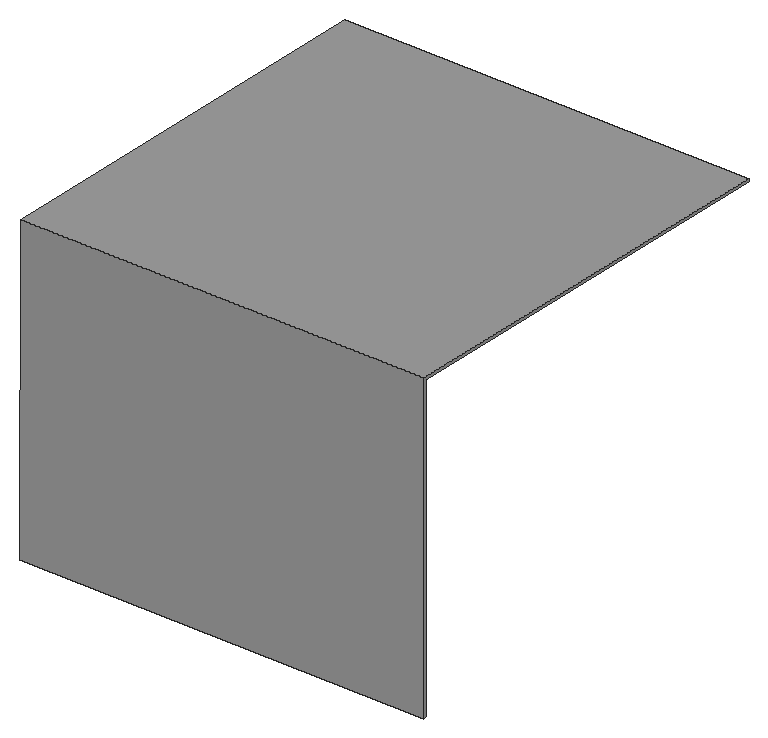
Revit family "Flashing_Preformed_Hyload_CornerCap-Ext", category Generic Models, Revit 2015
Parameters (values of type "As Specified")
  Unit Width = 0' - 8"
  Unit Height = 0' - 6"
  Unit Depth = 0' - 8 1/16"
  URL = "http://www.hyload.com/"
  Thickness = 0' - 0 1/16"
  Specification = "http://www.arcat.com/sdspecs/htm04/07_65_00hyl.htm"
  Sales Information = "http://www.hyload.com/contact-us"
  Revision = "R1_12-2015"
  Product Properties = "http://www.hyload.com/masonry-flashing/preformed-shapes/"
  Product Data = "http://www.arcat.com/arcatcos/cos33/arc33176.html"
  Model = "Exterior Corner Cap"
  Manufacturer Website = "http://www.hyload.com/"
  Manufacturer Phone - Toll Free = "800-457-4056"
  Manufacturer Phone = "330-769-3546"
  Manufacturer Fax = "330-769-4153"
  Manufacturer Address = "5020 Panther Pkwy., Seville, OH 44273"
  Manufacturer = "Hyload"
  Keynote = "07 65 00"
  Flashing Material = Hyload Flashing Membrane - Grey
  Drawn By = "Robert S. Weygant / Sumex Design"
  Description = "Preformed Hyload Masonry Flashing - Exterior Corner Cap"
  Copyright = "(c) ARCAT, Inc, 2015"
  Construction Details = "http://www.arcat.com/details/hyload/hyload.html?coid=33176"
  Assembly Code = "B3010400"
Reference planes (in)
  plane 1 "Center (Front/Back)": y = 0
  plane 2: z = 0
  plane 3 "Center (Left/Right)": x = 0
  plane 4: y = 8.0625
  plane 5: x = 8
  plane 6 "Top": z = 6
Forms (in)
  Extrusion 1, solid, material "Hyload Flashing Membrane - Grey" <- "Flashing Material"
    sketch origin (0, 0, 6) x (-1, 0, 0) y (0, -1, 0)
      loop
        line (0, -8.0625) -> (0, 0) -> (-8, 0) -> (-8, -8.0625) -> (0, -8.0625)
    from 0 to 0.0625 <- "Thickness"
  Extrusion 2, solid, material "Hyload Flashing Membrane - Grey" <- "Flashing Material"
    sketch origin (0, 0, 0) x (1, 0, 0) y (0, 1, 0)
      loop
        line (0, 8.0625) -> (0, 0) -> (8, 0) -> (8, 0.0625) -> (0.0625, 0.0625) -> (0.0625, 8.0625) -> (0, 8.0625)
    from 0 to 6 <- "Unit Height"
Cuts and joins
  joined: Extrusion 1, Extrusion 2
Dimensions and locks (in)
  "Unit Depth": plane 1 "Center (Front/Back)" to plane 4
  "Unit Width": plane 3 "Center (Left/Right)" to plane 5
  "Unit Height": plane 6 "Top" to level
  "Thickness": plane 1 "Center (Front/Back)" to Extrusion 2 sketch curve
  "Thickness": plane 3 "Center (Left/Right)" to Extrusion 2 sketch curve
  plane 3 "Center (Left/Right)" to Extrusion 2 = 0' - 8"
  aligned and locked: plane 2 to level
  aligned and locked: Extrusion 1 sketch curve to plane 4
  aligned and locked: plane 3 "Center (Left/Right)" to Extrusion 1 sketch curve
  aligned and locked: Extrusion 1 sketch curve to plane 1 "Center (Front/Back)"
  aligned and locked: Extrusion 1 sketch curve to plane 5
  aligned and locked: plane 4 to Extrusion 2 sketch curve
  aligned and locked: Extrusion 2 sketch curve to plane 3 "Center (Left/Right)"
  aligned and locked: plane 1 "Center (Front/Back)" to Extrusion 2 sketch curve
  aligned and locked: plane 5 to Extrusion 2 sketch curve
  aligned and locked: Extrusion 2 to level
